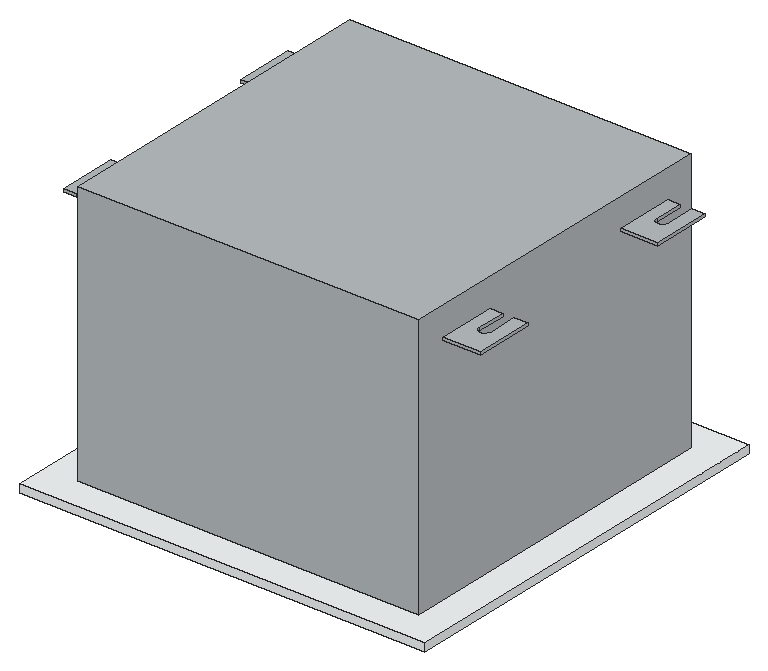
Revit family "tda-30jc2_50Hz", category 機械設備, Revit 2019
Family settings
  丸型コネクタ寸法 = 直径を使用
  パーツ タイプ = 標準
  OmniClass 番号 = 23.75.10.34.21
  OmniClass タイトル = Heat Exchangers for Ventilation Air
  作業面ベース = いいえ
  常に垂直 = はい
  ロード時にボイドで切り取り = いいえ
  共有 = いいえ
  部屋計算ポイント = はい
Parameters (values of type "TDA-30JC2")
  騒音レベル(dB(A)) = 38
  風量 = 300.0 m³/h
  面風速 = 0.6 m/s
  電源種別 [instance] = "一般"
  電圧 = 100 V
  電動機出力 = 0 W
  集中コントローラ = ""
  運転質量 = 0.00 kg
  連動 [instance] = ""
  質量 = if(製品質量 > 運転質量, 製品質量, 運転質量) * 1.2  # 10.20 kg
  負荷分類 = 3_ファン類
  説明 = "業務用単独脱臭ユニット"
  設計風量 = 0.0 m³/h
  設置方法 = "カセット形"
  記号 [instance] = ""
  製造元 = "MITSIBISHI ELECTRIC"
  製品質量 = 8.50 kg
  製品出荷対象 = "国内"
  製品リリース年月 = "2002/11/1"
  製品グループ = ""
  系統 [instance] = ""
  符号 = ""
  積算_科目 = "1 空気調和設備"
  積算_拾い区分 [instance] = ""
  相 = 1
  盤記号 [instance] = ""
  発停方法 [instance] = "別売スイッチ"
  特殊仕様 [instance] = ""
  火災停止 [instance] = ""
  温度交換効率 = 0.00%
  消費電力 = 43 W
  法定耐用年数 = "15"
  機外静圧_排気 = 0.0 Pa
  機外静圧 = 0.0 Pa
  極数 = 2
  材質 [instance] = ""
  本体マテリアル = 溶融亜鉛めっき鋼板
  操作・制御方式 = ""
  操作・制御スイッチ = ""
  排気量 = 0.0 m³/h
  形式 = "カセット形"
  幹線記号 [instance] = ""
  対象室 [instance] = ""
  実風量 = 0.0 m³/h
  始動方式 [instance] = "直入"
  天吊金具_径 = 6.5 mm
  天吊金具_幅 = 33 mm
  外気量 = 0.0 m³/h
  呼称 = "脱臭装置"
  周波数 = 50 Hz
  天吊金具ピッチ2 = 250 mm
  天吊金具ピッチ1 = 426 mm
  天吊金具_高さ = 31.5 mm
  参照している仕様書等のバージョン = ""
  初期抵抗 = 0.0 Pa
  分類コード = "50059002100020"
  分類グループ = ""
  価格 = 161000
  企業コード = "108420"
  付属品_フィルター_還気 = ""
  付属品_フィルター = ""
  付属品 [instance] = ""
  仕様書バージョン = "Version1.0"
  モデル = "TDA-30JC2"
  パネルマテリアル = 樹脂成形
  コメント [instance] = ""
  Keynote = ""
  エンタルピ交換効率_暖房 = 0.00%
  エンタルピ交換効率_冷房 = 0.00%
  Assembly Code = ""
  Width = 383 mm
  Version = ""
  Uniclass2015Version = "Systems v1.9"
  Uniclass2015Title = "Thermal wheels"
  Uniclass2015Code = "Pr_60_60_36_88"
  URL = "https://www.mitsubishielectric.co.jp/ldg/wink/ssl/displayProduct.do?pid=44428"
  SpecificationReference = ""
  SpecificationDescription = ""
  SAサイズ_D = 0 mm
  Revision = ""
  RAサイズ_D = 0 mm
  ProductInformation = ""
  Panel_Width = 455 mm
  Panel_Height = 9 mm
  Panel_Depth = 455 mm
  OmniClassCode = "23-27 23 19 11"
  OAサイズ_W = 0 mm
  OAサイズ_D = 0 mm
  MIN風量 = 130.0 m³/h
  MIN静圧 = 0.0 Pa
  MAX風量 = 300.0 m³/h
  MAX静圧 = 0.0 Pa
  IfcTypeProduct = ""
  IfcProduct = ""
  IfcExportType = "ROTARYWHEEL"
  IfcExportAs = "IfcAirToAirHeatRecoveryType"
  Height = 296.5 mm
  EAサイズ_W = 0 mm
  EAサイズ_D = 0 mm
  Depth = 383 mm
  Clearance Top = 0 mm
  Clearance Left = 0 mm
  Author = "MITSUBISHI ELECTRIC"
Reference planes
  plane 1 "中心(正面/背面)": y = 0
  plane 2: z = 0
  plane 3 "中心(左/右)": x = 0
  plane 4: x = -191.5
  plane 5: x = 191.5
  plane 6: y = 191.5
  plane 7: y = -191.5
  plane 8: x = -213
  plane 9: x = 213
  plane 10: y = 125
  plane 11: y = -125
  plane 12: x = -234.5
  plane 13: y = 158
  plane 14: y = 92
  plane 15: y = -92
  plane 16: y = -158
  plane 17: z = 296.5
  plane 18: z = -9
  plane 19: y = 227.5
  plane 20: y = -227.5
  plane 21: x = 227.5
  plane 22: x = -227.5
  plane 23: x = 234.5
  plane 24: z = 265
  plane 25: z = 262
Forms (mm)
  Extrusion 1, solid, material "溶融亜鉛めっき鋼板" <- "本体マテリアル", detail levels fine
    sketch origin (0, 0, 0) x (1, 0, 0) y (0, 1, 0)
      loop
        line (-191.5, 191.5) -> (-191.5, -191.5) -> (191.5, -191.5) -> (191.5, 191.5) -> (-191.5, 191.5)
    from 296.5 to 0
  Extrusion 2, solid, material "樹脂成形" <- "パネルマテリアル"
    sketch origin (0, 0, 0) x (1, 0, 0) y (0, 1, 0)
      loop
        line (-227.5, 227.5) -> (-227.5, -227.5) -> (227.5, -227.5) -> (227.5, 227.5) -> (-227.5, 227.5)
    from -9 to 0
  Extrusion 3, solid, material "溶融亜鉛めっき鋼板" <- "本体マテリアル"
    sketch origin (0, 0, 0) x (1, 0, 0) y (0, 1, 0)
      loop
        line (-191.5, 158) -> (-234.5, 158) -> (-234.5, 92) -> (-219.5, 92) -> (-219.5, 125)
        arc (-219.5, 125) -> (-213, 131.5) -> (-206.5, 125) r 6.5
        line (-206.5, 125) -> (-206.5, 92) -> (-191.5, 92) -> (-191.5, 158)
    from 262 to 265
  Extrusion 4, solid, material "溶融亜鉛めっき鋼板" <- "本体マテリアル"
    sketch origin (0, -250, 0) x (1, 0, 0) y (0, 1, 0)
      loop
        line (-191.5, 158) -> (-234.5, 158) -> (-234.5, 92) -> (-219.5, 92) -> (-219.5, 125)
        arc (-219.5, 125) -> (-213, 131.5) -> (-206.5, 125) r 6.5
        line (-206.5, 125) -> (-206.5, 92) -> (-191.5, 92) -> (-191.5, 158)
    from 262 to 265
  Extrusion 5, solid, material "溶融亜鉛めっき鋼板" <- "本体マテリアル"
    sketch origin (0, 0, 0) x (-1, 0, 0) y (0, -1, 0)
      loop
        line (-191.5, 158) -> (-234.5, 158) -> (-234.5, 92) -> (-219.5, 92) -> (-219.5, 125)
        arc (-219.5, 125) -> (-213, 131.5) -> (-206.5, 125) r 6.5
        line (-206.5, 125) -> (-206.5, 92) -> (-191.5, 92) -> (-191.5, 158)
    from 262 to 265
  Extrusion 6, solid, material "溶融亜鉛めっき鋼板" <- "本体マテリアル"
    sketch origin (0, 250, 0) x (-1, 0, 0) y (0, -1, 0)
      loop
        line (-191.5, 158) -> (-234.5, 158) -> (-234.5, 92) -> (-219.5, 92) -> (-219.5, 125)
        arc (-219.5, 125) -> (-213, 131.5) -> (-206.5, 125) r 6.5
        line (-206.5, 125) -> (-206.5, 92) -> (-191.5, 92) -> (-191.5, 158)
    from 262 to 265
Lines and regions (mm)
  Masking region 1, detail levels coarse+medium
    outline origin (1326.5, 29, 0) x (1, 0, 0) y (0, 1, 0)
      loop
        line (-1518, 162.5) -> (-1518, -220.5) -> (-1135, -220.5) -> (-1135, 162.5) -> (-1518, 162.5)
  symbolic lines, detail levels coarse+medium
    curve 1: line (0, 191.5, 0) -> (-191.5, 0, 0)
    curve 2: line (-191.5, 0, 0) -> (0, -191.5, 0)
    curve 3: line (0, -191.5, 0) -> (191.5, 0, 0)
    curve 4: line (191.5, 0, 0) -> (0, 191.5, 0)
Dimensions and locks
  equal spacing: plane 4, plane 3 "中心(左/右)", plane 5
  "Width": plane 4 to plane 5
  equal spacing: plane 6, plane 1 "中心(正面/背面)", plane 7
  "Depth": plane 6 to plane 7
  equal spacing: plane 8, plane 3 "中心(左/右)", plane 9
  "天吊金具ピッチ1": plane 8 to plane 9
  equal spacing: plane 10, plane 1 "中心(正面/背面)", plane 11
  "天吊金具ピッチ2": plane 10 to plane 11
  equal spacing: plane 13, plane 10, plane 14
  equal spacing: plane 15, plane 11, plane 16
  "Height": plane 17 to level
  "Panel_Height": level to plane 18
  equal spacing: plane 20, plane 1 "中心(正面/背面)", plane 19
  "Panel_Depth": plane 20 to plane 19
  equal spacing: plane 22, plane 3 "中心(左/右)", plane 21
  "Panel_Width": plane 22 to plane 21
  "天吊金具_幅": plane 13 to plane 10
  "天吊金具_幅": plane 15 to plane 11
  equal spacing: plane 12, plane 8, plane 4
  equal spacing: plane 5, plane 9, plane 23
  "天吊金具_径": Extrusion 3 sketch curve to nested 1
  "天吊金具_径": Extrusion 4 sketch curve to nested 1
  "天吊金具_径": plane 9 to Extrusion 5 sketch curve
  "天吊金具_径": plane 9 to Extrusion 6 sketch curve
  "天吊金具_高さ": plane 17 to plane 24
  "天吊金具_径": radius of Extrusion 3 sketch curve
  "天吊金具_径": radius of Extrusion 4 sketch curve
  "天吊金具_径": radius of Extrusion 5 sketch curve
  "天吊金具_径": radius of Extrusion 6 sketch curve
  aligned and locked: level to plane 2
  aligned and locked: Masking region 1 to plane 4
  aligned and locked: plane 5 to Masking region 1
  aligned and locked: plane 6 to Masking region 1
  aligned and locked: Masking region 1 to plane 7
  aligned and locked: plane 9 to nested 1
  aligned and locked: plane 8 to nested 1
  aligned and locked: nested 1 to plane 11
  aligned and locked: plane 10 to nested 1
  aligned and locked: Extrusion 1 to plane 17
  aligned and locked: Extrusion 1 to level
  aligned and locked: Extrusion 2 sketch curve to plane 19
  aligned and locked: Extrusion 2 sketch curve to plane 22
  aligned and locked: Extrusion 2 sketch curve to plane 20
  aligned and locked: Extrusion 2 sketch curve to plane 21
  aligned and locked: Extrusion 2 to plane 18
  aligned and locked: level to Extrusion 2
  aligned and locked: Extrusion 3 sketch curve to plane 4
  aligned and locked: Extrusion 3 sketch curve to plane 13
  aligned and locked: plane 12 to Extrusion 3 sketch curve
  aligned and locked: Extrusion 3 sketch curve to plane 14  (x2)
  aligned and locked: Extrusion 4 sketch curve to plane 15
  aligned and locked: Extrusion 4 sketch curve to plane 16  (x2)
  aligned and locked: plane 12 to Extrusion 4 sketch curve
  aligned and locked: Extrusion 4 sketch curve to plane 4
  aligned and locked: plane 23 to Extrusion 5 sketch curve
  aligned and locked: plane 15 to Extrusion 5 sketch curve  (x2)
  aligned and locked: plane 5 to Extrusion 5 sketch curve
  aligned and locked: plane 16 to Extrusion 5 sketch curve
  aligned and locked: plane 23 to Extrusion 6 sketch curve
  aligned and locked: plane 14 to Extrusion 6 sketch curve
  aligned and locked: plane 5 to Extrusion 6 sketch curve
  aligned and locked: plane 13 to Extrusion 6 sketch curve  (x2)
  aligned and locked: plane 24 to Extrusion 4
  aligned and locked: Extrusion 4 to plane 25
  aligned and locked: Extrusion 3 to Extrusion 4  (x2)
  aligned and locked: Extrusion 5 to Extrusion 3
  aligned and locked: Extrusion 5 to plane 25
  aligned and locked: Extrusion 6 to Extrusion 3
  aligned and locked: Extrusion 3 to Extrusion 6
Automatic sketch dimensions
  plane 1 "中心(正面/背面)" to curve 1 = 0 mm
  curve 1 to plane 4 = 0 mm
  curve 2 to plane 3 "中心(左/右)" = 0 mm
  curve 4 to plane 3 "中心(左/右)" = 0 mm
  curve 2 to plane 7 = 0 mm
  Extrusion 1 sketch curve to plane 4 = 0 mm
  Extrusion 1 sketch curve to plane 5 = 0 mm
  Extrusion 1 sketch curve to plane 7 = 0 mm
  Extrusion 1 sketch curve to plane 6 = 0 mm
  Masking region 1 sketch curve to plane 4 = 0 mm
  Masking region 1 sketch curve to plane 5 = 0 mm
  Masking region 1 sketch curve to plane 7 = 0 mm
  Masking region 1 sketch curve to plane 6 = 0 mm
  Extrusion 3 sketch curve to plane 10 = 0 mm
  Extrusion 4 sketch curve to plane 11 = 0 mm
  Extrusion 5 sketch curve to plane 11 = 0 mm
  Extrusion 6 sketch curve to plane 10 = 0 mm
Nested families
  nested 1: "固定点" at (-213, -125, 0), type "固定点"
    with W 426 mm, D 250 mm
Connectors
  electrical at (0, 0, 296.5), driven by "極数", driven by "負荷分類", driven by "電圧", driven by "消費電力"
    settings: on Extrusion 1, index 13, voltage 100 V, apparent load 43 VA, apparent load phase1 0 VA, apparent load phase2 0 VA, apparent load phase3 0 VA, power factor 1, load classification "3_ファン類", number of poles 2, system type 30, power factor state 1, is connector primary yes, connector utility no, sub classification motor no, connector description ""
Definition of nested family "固定点"
  Parameters (values of type "固定点")
    中心円 = 20 mm
    W [instance] = 1000 mm
    D [instance] = 1000 mm
  Reference planes
    plane 1 "中心(正面/背面)": y = 0
    plane 2: z = 0
    plane 3 "中心(左/右)": x = 0
    plane 4: x = 1000
    plane 5: y = 1000
  Lines and regions (mm)
    symbolic lines, detail levels fine
      curve 1: circle (0, 1000, 0) r 10 normal (0, 0, 1)
      curve 2: circle (0, 0, 0) r 10 normal (0, 0, 1)
      curve 3: circle (1000, 1000, 0) r 10 normal (0, 0, 1)
      curve 4: circle (1000, 0, 0) r 10 normal (0, 0, 1)
      curve 5: line (-200, 1000, 0) -> (1200, 1000, 0)
      curve 6: line (-200, 0, 0) -> (1200, 0, 0)
      curve 7: line (0, 1200, 0) -> (0, -200, 0)
      curve 8: line (1000, 1200, 0) -> (1000, -200, 0)
  Dimensions and locks
    "W": plane 3 "中心(左/右)" to plane 4
    "D": plane 1 "中心(正面/背面)" to plane 5
    "中心円": diameter of curve 1
    "中心円": diameter of curve 2
    "中心円": diameter of curve 3
    "中心円": diameter of curve 4
    aligned and locked: level to plane 2
    aligned and locked: plane 5 to curve 1
    aligned and locked: plane 3 "中心(左/右)" to curve 1
    aligned and locked: plane 3 "中心(左/右)" to curve 2
    aligned and locked: plane 1 "中心(正面/背面)" to curve 2
    aligned and locked: plane 4 to curve 3
    aligned and locked: plane 5 to curve 3
    aligned and locked: plane 1 "中心(正面/背面)" to curve 4
    aligned and locked: plane 4 to curve 4
    aligned and locked: plane 1 "中心(正面/背面)" to curve 6
    aligned and locked: curve 7 to plane 3 "中心(左/右)"
    aligned and locked: curve 8 to plane 4
  Automatic sketch dimensions
    curve 5 to plane 5 = 0 mm
    curve 6 to plane 3 "中心(左/右)" = 200 mm
    curve 5 to plane 3 "中心(左/右)" = 200 mm
    curve 4 to curve 6 = 200 mm
    curve 3 to curve 5 = 200 mm
    plane 1 "中心(正面/背面)" to curve 8 = 200 mm
    plane 1 "中心(正面/背面)" to curve 7 = 200 mm
    curve 3 to curve 8 = 200 mm
    curve 1 to curve 7 = 200 mm
